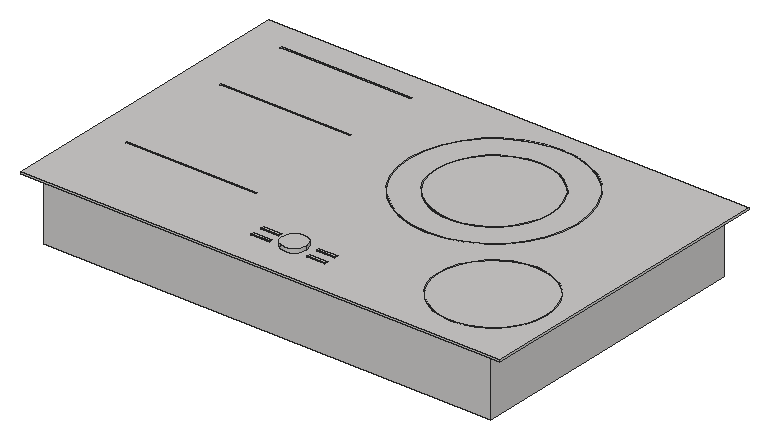
Revit family "CI282602", category Generic Models, Revit 2015
Parameters (values of type "CI282602")
  Width = 793 mm
  URL = "http://www.gaggenau.com."
  Model = "CI282602"
  Manufacturer = "Gaggenau"
  Height = 105 mm
  Unit = Metal Panel
  Description = "Gaggenau 200 series flex induction cooktop Frameless Width 30\""
  Depth = 513 mm
Reference planes
  plane 1 "Center (Front/Back)": y = 0
  plane 2: z = 0
  plane 3 "Center (Left/Right)": x = 0
  plane 4: x = -396.5
  plane 5: x = 396.5
  plane 6: y = 256.5
  plane 7: y = -256.5
  plane 8: z = 105
  plane 9: z = 102
Forms (mm)
  Extrusion 1, solid, material "Metal Panel" <- "Unit"
    sketch origin (0, 0, 0) x (1, 0, 0) y (0, 1, 0)
      loop
        line (-396.5, 256.5) -> (-396.5, -256.5) -> (396.5, -256.5) -> (396.5, 256.5) -> (-396.5, 256.5)
      loop
        circle (112.186, 86.407) r 140
      loop
        circle (112.186, 86.407) r 138.384
      loop
        circle (112.186, 86.407) r 95
      loop
        circle (112.186, 86.407) r 93.773
      loop
        circle (280.299, -125.927) r 90
      loop
        circle (280.299, -125.927) r 88.811
      loop
        line (-338.791, 210.905) -> (-338.791, 208.405) -> (-123.791, 208.405) -> (-123.791, 210.905) -> (-338.791, 210.905)
      loop
        line (-338.791, 85.905) -> (-338.791, 83.405) -> (-123.791, 83.405) -> (-123.791, 85.905) -> (-338.791, 85.905)
      loop
        line (-338.791, -109.095) -> (-338.791, -111.595) -> (-123.791, -111.595) -> (-123.791, -109.095) -> (-338.791, -109.095)
    from 102 to 105
  Extrusion 2, solid, material "Metal Panel" <- "Unit"
    sketch origin (0, 0, 0) x (1, 0, 0) y (0, 1, 0)
      loop
        line (-371.399, 239.926) -> (-371.399, -240.074) -> (368.601, -240.074) -> (368.601, 239.926) -> (-371.399, 239.926)
    from 0 to 102
  Extrusion 3, solid, material "Metal Panel" <- "Unit"
    sketch origin (0, 0, 0) x (1, 0, 0) y (0, 1, 0)
      loop
        circle (0, -186.155) r 20
    from 105 to 110.746
  Extrusion 4, solid, material "Metal Panel" <- "Unit"
    sketch origin (0, 0, 0) x (1, 0, 0) y (0, 1, 0)
      loop
        line (-61.165, -173.436) -> (-61.165, -178.436) -> (-31.165, -178.436) -> (-31.165, -173.436) -> (-61.165, -173.436)
      loop
        line (-61.165, -193.436) -> (-61.165, -198.436) -> (-31.165, -198.436) -> (-31.165, -193.436) -> (-61.165, -193.436)
      loop
        line (61.165, -173.436) -> (31.165, -173.436) -> (31.165, -178.436) -> (61.165, -178.436) -> (61.165, -173.436)
      loop
        line (61.165, -193.436) -> (31.165, -193.436) -> (31.165, -198.436) -> (61.165, -198.436) -> (61.165, -193.436)
    from 105 to 105.685
Dimensions and locks
  equal spacing: plane 4, plane 3 "Center (Left/Right)", plane 5
  equal spacing: plane 6, plane 1 "Center (Front/Back)", plane 7
  "Width": plane 4 to plane 5
  "Depth": plane 6 to plane 7
  "Height": plane 8 to plane 2
  plane 8 to plane 9 = 3 mm
  aligned and locked: level to plane 2
Automatic sketch dimensions
  Extrusion 1 sketch curve to Extrusion 1 sketch curve = 0 mm  (x15)
  Extrusion 1 sketch curve to plane 4 = 0 mm
  Extrusion 1 sketch curve to plane 5 = 0 mm
  plane 7 to Extrusion 1 sketch curve = 0 mm
  Extrusion 1 sketch curve to plane 6 = 0 mm
  plane 4 to Extrusion 1 sketch curve = 57.709 mm  (x3)
  Extrusion 1 sketch curve to plane 6 = 45.595 mm
  Extrusion 1 sketch curve to plane 3 "Center (Left/Right)" = 123.791 mm  (x2)
  plane 3 "Center (Left/Right)" to Extrusion 1 sketch curve = 112.186 mm
  plane 5 to Extrusion 1 sketch curve = 116.201 mm
  plane 1 "Center (Front/Back)" to Extrusion 1 sketch curve = 125.927 mm
  plane 1 "Center (Front/Back)" to Extrusion 1 sketch curve = 111.595 mm
  Extrusion 1 sketch curve to Extrusion 1 sketch curve = 2.5 mm  (x3)
  Extrusion 1 sketch curve to plane 1 "Center (Front/Back)" = 83.405 mm
  Extrusion 1 sketch curve to plane 1 "Center (Front/Back)" = 86.407 mm
  plane 4 to Extrusion 2 sketch curve = 25.101 mm
  plane 5 to Extrusion 2 sketch curve = 27.899 mm
  Extrusion 2 sketch curve to plane 7 = 16.426 mm
  Extrusion 2 sketch curve to plane 6 = 16.574 mm
  Extrusion 3 sketch curve to plane 3 "Center (Left/Right)" = 0 mm
  Extrusion 4 sketch curve to plane 3 "Center (Left/Right)" = 31.165 mm
  Extrusion 4 sketch curve to Extrusion 4 sketch curve = 0 mm  (x4)
  Extrusion 4 sketch curve to Extrusion 4 sketch curve = 30 mm  (x2)
  plane 3 "Center (Left/Right)" to Extrusion 4 sketch curve = 31.165 mm
  Extrusion 4 sketch curve to plane 7 = 58.064 mm  (x2)
  Extrusion 4 sketch curve to Extrusion 4 sketch curve = 5 mm  (x4)
  Extrusion 4 sketch curve to Extrusion 4 sketch curve = 15 mm  (x2)
  Extrusion 3 sketch curve to plane 7 = 70.345 mm
  radius of Extrusion 1 sketch curve = 140 mm
  radius of Extrusion 1 sketch curve = 138.384 mm
  radius of Extrusion 1 sketch curve = 95 mm
  radius of Extrusion 1 sketch curve = 93.773 mm
  radius of Extrusion 1 sketch curve = 90 mm
  radius of Extrusion 1 sketch curve = 88.811 mm
  radius of Extrusion 3 sketch curve = 20 mm
